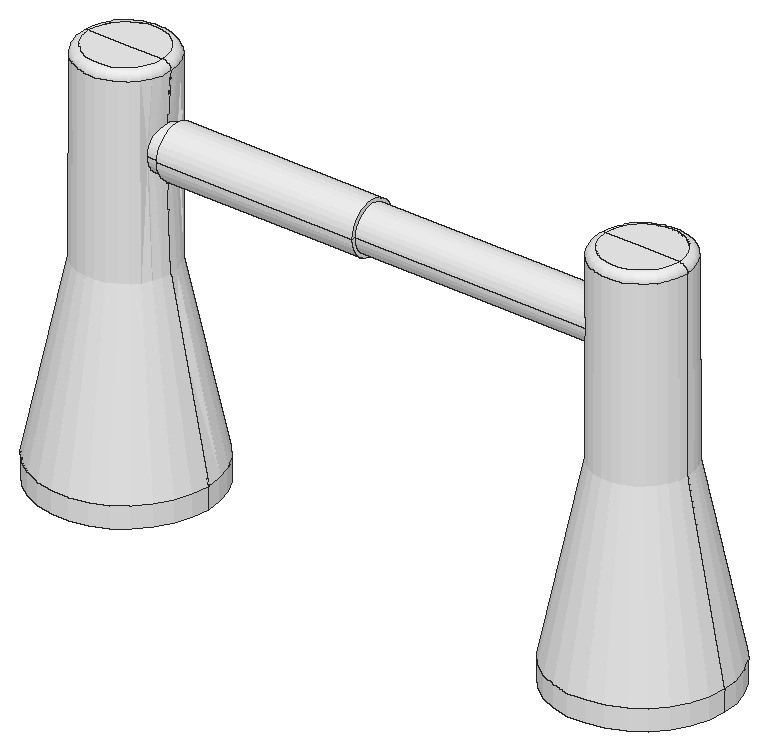
Revit family "Toilet_Tissue_Holder-American_Standard-C_Series-8337.230", category Specialty Equipment, host Face, Revit 2014
Parameters (values of type "8337.230")
  Width = 8 1/4"
  Warranty Information = "1 Year Warranty"
  URL = "http://www.americanstandard-us.com"
  Type Comments = "Available Finishes Include Chrome Polished, Oil Rubbed Bronze & Satin Nickel."
  Revised Date = "02/08/2016"
  Product Page URL = "https://www.americanstandard-us.com/bathroom/bathroom-accessories/c-series-toilet-paper-holder-22920"
  Product Documentation Link = "https://www.americanstandard-us.com/-/media/sites/asus/files/product-specs/bulk/specsheet8337230.pdf?la=en"
  Model = "8337.230"
  Material = "Metal-American Standard-002-Polished Chrome"
  Manufacturer = "American Standard"
  Length = 4 11/16"
  Installation Type = "Wall Mounted"
  Height = 2"
  Finish = Metal-American Standard-002-Polished Chrome
  Description = "C Series Toilet Paper Holder."
  Default Elevation = 20"
  Creation Date = "04/04/2014"
  Assembly Code = "C1030220"
Reference planes (in)
  plane 1 "Center (Front/Back)": y = 0
  plane 2: z = 0
  plane 3 "Center (Left/Right)": x = 0
  plane 4 "Floor Level": y = -20
  plane 5: x = -3.125
  plane 6: x = 3.125
  plane 7: z = 4.6875
  plane 8: z = 3.75
  plane 9: y = -1
  plane 10: y = 1
  plane 11: x = -4.125
  plane 12: x = 4.125
  plane 13: x = -2.125
  plane 14: x = 2.125
Forms (in)
  Revolve 1, solid, material "Metal-American Standard-002-Polished Chrome" <- "Finish"
    sketch origin (-3.125, 0, 0) x (0, 0, -1) y (-1, 0, 0)
      loop
        line (0, 1) -> (-0.25, 1)
        arc (-0.25, 1) -> (-2.39656, 0.54741) -> (-4.59031, 0.54381) r 10.65982
        arc (-4.59031, 0.54381) -> (-4.65904, 0.51535) -> (-4.6875, 0.44663) r 0.09719
        line (-4.6875, 0.44663) -> (-4.6875, 0) -> (0, 0) -> (0, 1)
      axis (0, 0) -> (-4.6875, 0)
    angle from 0 to 360
  Revolve 2, solid, material "Metal-American Standard-002-Polished Chrome" <- "Finish"
    sketch origin (0, 0, 3.75) x (1, 0, 0) y (0, 1, 0)
      loop
        line (-3.125, 0) -> (3.125, 0) -> (3.125, 0.26358) -> (-0.14718, 0.26358) -> (-0.14718, 0.30285) -> (-2.51175, 0.30285) -> (-2.51175, 0.26358) -> (-2.6492, 0.26358) -> (-2.6492, 0.21875) -> (-3.125, 0.21875) -> (-3.125, 0)
      axis (-3.125, 0) -> (3.125, 0)
    angle from 0 to 360
  Revolve 3, solid, material "Metal-American Standard-002-Polished Chrome" <- "Finish"
    sketch origin (3.125, 0, 0) x (0, 0, -1) y (-1, 0, 0)
      loop
        line (0, -1) -> (0, 0) -> (-4.6875, 0) -> (-4.6875, -0.44663)
        arc (-4.6875, -0.44663) -> (-4.65904, -0.51535) -> (-4.59031, -0.54381) r 0.09719
        arc (-4.59031, -0.54381) -> (-2.39656, -0.54741) -> (-0.25, -1) r 10.65982
        line (-0.25, -1) -> (0, -1)
      axis (0, 0) -> (-4.6875, 0)
    angle from 0 to 360
Cuts and joins
  joined: Revolve 1, Revolve 2, Revolve 3
Lines and regions (in)
  Masking region 1
    outline origin (0, 0, 0) x (1, 0, 0) y (0, 0, 1)
      loop
        arc (4.125, 0.25) -> (3.67309, 2.39663) -> (3.66881, 4.59031) r 10.69132
        arc (3.66881, 4.59031) -> (3.64035, 4.65904) -> (3.57163, 4.6875) r 0.09719
        line (3.57163, 4.6875) -> (2.67837, 4.6875)
        arc (2.67837, 4.6875) -> (2.60965, 4.65904) -> (2.58119, 4.59031) r 0.09719
        arc (2.58119, 4.59031) -> (2.6064, 4.30227) -> (2.62381, 4.01365) r 10.69132
        line (2.62381, 4.01365) -> (-0.14734, 4.01365) -> (-0.14734, 4.05301) -> (-2.51175, 4.05301) -> (-2.51175, 4.01408) -> (-2.62379, 4.01408)
        arc (-2.62379, 4.01408) -> (-2.60638, 4.30248) -> (-2.58119, 4.59031) r 10.69132
        arc (-2.58119, 4.59031) -> (-2.60965, 4.65904) -> (-2.67837, 4.6875) r 0.09719
        line (-2.67837, 4.6875) -> (-3.57163, 4.6875)
        arc (-3.57163, 4.6875) -> (-3.64035, 4.65904) -> (-3.66881, 4.59031) r 0.09719
        arc (-3.66881, 4.59031) -> (-3.67309, 2.39663) -> (-4.125, 0.25) r 10.69132
        line (-4.125, 0.25) -> (-4.125, 0) -> (-2.125, 0) -> (-2.125, 0.25)
        arc (-2.125, 0.25) -> (-2.5049, 1.8483) -> (-2.63545, 3.48592) r 10.69132
        line (-2.63545, 3.48592) -> (-2.51175, 3.48592) -> (-2.51175, 3.44699) -> (-0.14734, 3.44699) -> (-0.14734, 3.48635) -> (2.63545, 3.48635)
        arc (2.63545, 3.48635) -> (2.50493, 1.8485) -> (2.125, 0.25) r 10.69132
        line (2.125, 0.25) -> (2.125, 0) -> (4.125, 0) -> (4.125, 0.25)
  symbolic lines, style "SpecialityEquipment", detail levels fine
    curve 1: line (2.125, 0, 0.25) -> (4.125, 0, 0.25)
    curve 2: line (2.58119, 0, 4.59031) -> (3.66881, 0, 4.59031)
    curve 3: line (-2.58119, 0, 4.59031) -> (-3.66881, 0, 4.59031)
    curve 4: line (-2.125, 0, 0.25) -> (-4.125, 0, 0.25)
    curve 6: line (-0.14734, 0, 3.48635) -> (-0.14734, 0, 4.01365)
    curve 7: line (-2.51175, 0, 3.48592) -> (-2.51175, 0, 4.01408)
  symbolic lines, style "SpecialityEquipment", detail levels medium+fine
    curve 5: arc (2.63545, 0, 3.48635) -> (2.63291, 0, 3.74888) -> (2.62392, 0, 4.01127) r 10.69132
    curve 8: arc (-2.63545, 0, 3.48592) -> (-2.63288, 0, 3.75007) -> (-2.62379, 0, 4.01408) r 10.69132
Dimensions and locks (in)
  "Default Elevation": plane 4 "Floor Level" to plane 1 "Center (Front/Back)"
  plane 5 to plane 6 = 6 1/4"
  plane 2 to plane 8 = 3 3/4"
  locked: host face to plane 7 at 4.6875
  locked: plane 10 to plane 9 at 2
  locked: plane 11 to plane 12 at 8.25
  aligned and locked: plane 2 to host face
  aligned and locked: level to host face
Automatic sketch dimensions
  host sketch curve to host sketch curve = 96"  (x2)
  Revolve 1 sketch curve to plane 5 = 0"  (x2)
  Revolve 1 sketch curve to plane 7 = 0"
  Revolve 1 sketch curve to plane 11 = 0"
  Revolve 1 sketch curve to level = 0"
  Revolve 1 sketch curve to Revolve 1 sketch curve = 0.09719"
  plane 8 to Revolve 1 sketch curve = 0.23918"
  plane 8 to Revolve 1 sketch curve = 1.09409"
  Revolve 1 sketch curve to Revolve 1 sketch curve = 1/4"
  level to Revolve 1 sketch curve = 1/4"
  Revolve 1 sketch curve to Revolve 1 sketch curve = 0.44663"
  plane 1 "Center (Front/Back)" to Revolve 2 sketch curve = 0"  (x2)
  Revolve 2 sketch curve to plane 5 = 0"
  Revolve 2 sketch curve to plane 6 = 0"
  plane 5 to Revolve 2 sketch curve = 0.4758"
  Revolve 2 sketch curve to Revolve 2 sketch curve = 0.13745"
  plane 13 to Revolve 2 sketch curve = 0.03164"
  Revolve 2 sketch curve to plane 13 = 0.42255"
  Revolve 2 sketch curve to plane 3 "Center (Left/Right)" = 0.14718"
  Revolve 2 sketch curve to plane 1 "Center (Front/Back)" = 7/32"
  Revolve 2 sketch curve to Revolve 2 sketch curve = 0.04483"
  Revolve 2 sketch curve to plane 1 "Center (Front/Back)" = 0.26358"
  Revolve 2 sketch curve to Revolve 2 sketch curve = 0.03927"
  plane 6 to Revolve 3 sketch curve = 0"  (x2)
  Revolve 3 sketch curve to plane 7 = 0"
  plane 12 to Revolve 3 sketch curve = 0"
  Revolve 3 sketch curve to level = 0"
  Revolve 3 sketch curve to Revolve 3 sketch curve = 0.09719"
  plane 8 to Revolve 3 sketch curve = 0.23918"
  plane 8 to Revolve 3 sketch curve = 1.09409"
  Revolve 3 sketch curve to Revolve 3 sketch curve = 1/4"
  level to Revolve 3 sketch curve = 1/4"
  Revolve 3 sketch curve to plane 12 = 10.14883"
  plane 7 to curve 2 = 0.09719"
  plane 3 "Center (Left/Right)" to curve 2 = 2.58119"
  Masking region 1 sketch curve to Masking region 1 sketch curve = 0"  (x4)
  Masking region 1 sketch curve to plane 11 = 0"
  Masking region 1 sketch curve to plane 7 = 0"  (x2)
  Masking region 1 sketch curve to level = 0"  (x2)
  plane 13 to Masking region 1 sketch curve = 0"
  Masking region 1 sketch curve to plane 14 = 0"
  plane 12 to Masking region 1 sketch curve = 0"
  plane 8 to Masking region 1 sketch curve = 0.23582"  (x4)
  Masking region 1 sketch curve to plane 11 = 3.93084"
  Masking region 1 sketch curve to Masking region 1 sketch curve = 6 1/4"  (x2)
  plane 7 to Masking region 1 sketch curve = 0.09719"  (x3)
  Masking region 1 sketch curve to plane 3 "Center (Left/Right)" = 3.66881"
  plane 5 to Masking region 1 sketch curve = 0.44663"
  plane 8 to Masking region 1 sketch curve = 0.26408"
  Masking region 1 sketch curve to Masking region 1 sketch curve = 0.04293"
  Masking region 1 sketch curve to plane 8 = 0.26408"
  plane 13 to Masking region 1 sketch curve = 0.49879"
  Masking region 1 sketch curve to Masking region 1 sketch curve = 0.09719"
  Masking region 1 sketch curve to Masking region 1 sketch curve = 0.1237"
  Masking region 1 sketch curve to Masking region 1 sketch curve = 0.11204"
  Masking region 1 sketch curve to plane 3 "Center (Left/Right)" = 0.14734"  (x2)
  plane 14 to Masking region 1 sketch curve = 0.45619"
  Masking region 1 sketch curve to plane 8 = 0.26365"
  plane 8 to Masking region 1 sketch curve = 0.26365"
  Masking region 1 sketch curve to Masking region 1 sketch curve = 0.01164"
  Masking region 1 sketch curve to Masking region 1 sketch curve = 0.89326"
  Masking region 1 sketch curve to Masking region 1 sketch curve = 0.03936"
  Masking region 1 sketch curve to Masking region 1 sketch curve = 0.03893"
  curve 4 to plane 11 = 0"
  plane 13 to curve 4 = 0"
  curve 1 to plane 14 = 0"
  plane 12 to curve 1 = 0"
  plane 8 to curve 5 = 0.23582"
  curve 5 to plane 11 = 3.93084"
  plane 7 to curve 3 = 0.09719"
  plane 11 to curve 3 = 0.45619"
  plane 5 to curve 8 = 0.48955"
  curve 8 to plane 8 = 0.26408"
  curve 8 to curve 8 = 0.01166"
  plane 13 to curve 3 = 0.45619"
  curve 8 to curve 7 = 0.11204"
  curve 6 to plane 3 "Center (Left/Right)" = 0.14734"
  plane 14 to curve 5 = 0.49892"
  plane 8 to curve 5 = 0.26365"
  curve 5 to curve 5 = 0.01153"
  plane 12 to curve 2 = 0.45619"
  plane 8 to curve 8 = 0.23582"
  curve 8 to plane 12 = 3.93084"
  curve 7 to curve 8 = 0"  (x2)
  level to curve 1 = 1/4"
  level to curve 4 = 1/4"
  plane 8 to curve 6 = 0.26365"
  curve 6 to plane 8 = 0.26365"
